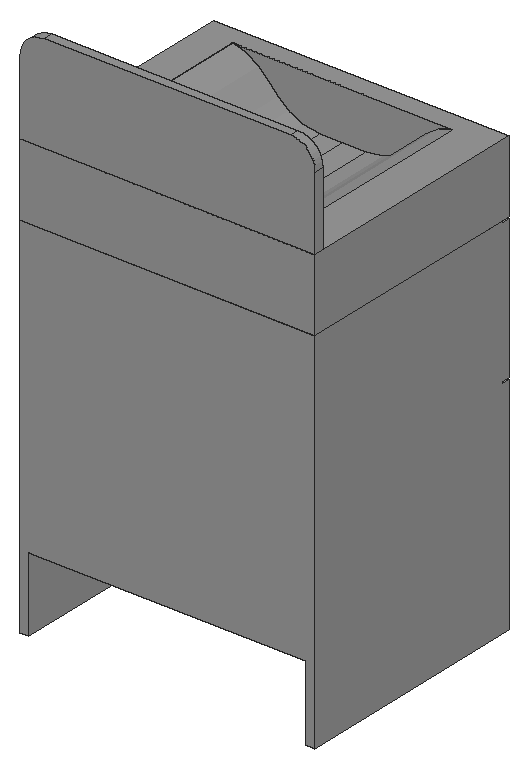
Revit family "Single Sink Vanity 24 in_Wall Hung", category Casework, host Wall, Revit 2025
Family settings
  Host = Wall
  OmniClass Number = 23.40.35.00
  OmniClass Title = Casework
  Always vertical = Yes
  Cut with Voids When Loaded = No
  Shared = No
  Room Calculation Point = No
Parameters (values of type "Single Sink Vanity 794mm_Wall Hung")
  Width = 2' - 0.0389"
  Mirror Height = 0' - 4.06299"
  Length = 3' - 6"
  Height = 3' - 0"
  Depth = 1' - 7.68504"
  Default Elevation = 0' - 0"
  Countertop Thickness = 0' - 5.90597"
  Cabinet Mullions = 0' - 0 3/4"
  Backsplash Height = 0' - 8.00028"
Types (2): name | Height
  Single Sink Vanity 794mm_Wall Hung | 3' - 0"
  Single Sink Vanity 24"_Wall Hung | 2' - 9.46457"
Reference planes (in)
  plane 1: y = 0
  plane 2 "Center (Left/Right)": x = 0
  plane 3 "Left": x = -2.50394
  plane 4 "Right": x = 39.49606
  plane 5 "Front": y = 22.68504
  plane 6 "Back": y = 3
  plane 7 "Top": z = 36
Forms (in)
  Extrusion 1, solid, material "Solid Surface Countertop"
    sketch origin (4.26772, 0, 2.53543) x (1, 0, 0) y (0, 1, 0)
      loop
        line (-11.51181, 22.68504) -> (-11.51181, 3) -> (12.52709, 3) -> (12.52709, 22.68504) -> (-11.51181, 22.68504)
    from 27.55859 to 33.46457
  Extrusion 2, solid, material "Ash"
    sketch origin (-0.09375, 0, 0) x (1, 0, 0) y (0, 1, 0)
      loop
        line (-7.15034, 3) -> (16.88856, 3) -> (16.88856, 22.68504) -> (-7.15034, 22.68504) -> (-7.15034, 3)
    from 0 to 30.09403
  Extrusion 3, void
    sketch origin (2.51378, 22.68504, 2.53543) x (-1, 0, 0) y (0, 0, -1)
      loop
        line (-11.02119, -33.46457) -> (-11.21668, -34.57326) -> (6.97881, -34.57326) -> (6.97881, -33.42613)
        spline (6.97881, -33.42613) -> (6.23927, -33.24521) -> (5.60883, -32.9592) -> (5.06281, -32.59083) -> (4.5765, -32.16287) -> (4.12521, -31.69805) -> (3.68426, -31.21914) -> (3.22893, -30.74887) -> (2.73454, -30.31) -> (2.17639, -29.92529) -> (1.52978, -29.61747) -> (0.77003, -29.4093) -> (-0.12757, -29.32353)
        line (-0.12757, -29.32353) -> (-1.9879, -29.32353) -> (-3.84822, -29.32353)
        spline (-3.84822, -29.32353) -> (-4.75423, -29.4101) -> (-5.52111, -29.62022) -> (-6.17377, -29.93093) -> (-6.73715, -30.31925) -> (-7.23617, -30.76223) -> (-7.69576, -31.2369) -> (-8.14085, -31.7203) -> (-8.59636, -32.18947) -> (-9.08723, -32.62145) -> (-9.63837, -32.99326) -> (-10.27471, -33.28196) -> (-11.02119, -33.46457)
    from 1.48177 to 15.74504
  Extrusion 4, solid, material "Solid Surface Countertop"
    sketch origin (-7.24409, 3, 36.00028) x (0, 0, 1) y (1, 0, 0)
      loop
        line (0, 24.0389) -> (0, 0) -> (6, 0)
        arc (6, 0) -> (7.41421, 0.58579) -> (8, 2) r 2
        line (8, 2) -> (8, 22.0389)
        arc (8, 22.0389) -> (7.41421, 23.45312) -> (6, 24.0389) r 2
        line (6, 24.0389) -> (0, 24.0389)
    from 0 to 0.75
  Extrusion 5, void
    sketch origin (39.40231, 22.68504, 0) x (1, 0, 0) y (0, 0, 1)
      loop
        line (-23.3575, 29.09403) -> (-45.89641, 29.09403) -> (-45.89641, 19.0293) -> (-23.3575, 19.0293) -> (-23.3575, 29.09403)
      loop
        line (-23.3575, 7.5293) -> (-23.3575, 17.5293) -> (-45.89641, 17.5293) -> (-45.89641, 7.5293) -> (-23.3575, 7.5293)
    from 0 to 0.5
  Extrusion 6, void
    sketch origin (39.40231, 22.68504, 0) x (1, 0, 0) y (0, 0, 1)
      loop
        line (-23.3575, 0) -> (-23.3575, 6.09403) -> (-45.89641, 6.09403) -> (-45.89641, 0) -> (-23.3575, 0)
    from 0 to 24
  Extrusion 7, void
    sketch origin (39.40231, 22.68504, 0) x (1, 0, 0) y (0, 0, 1)
      loop
        line (-22.6075, 18.25223) -> (-22.6075, 18.37723) -> (-46.64641, 18.37723) -> (-46.64641, 18.25223) -> (-22.6075, 18.25223)
      loop
        line (-22.6075, 29.96903) -> (-22.6075, 30.09403) -> (-46.64641, 30.09403) -> (-46.64641, 29.96903) -> (-22.6075, 29.96903)
    from 0 to 0.75
Cuts and joins
  Extrusion 3 cuts Extrusion 1
  Extrusion 5, Extrusion 6, Extrusion 7 cuts Extrusion 2
Lines and regions (in)
  reference lines
    curve 1: line (28.75591, 3, 36.00028) -> (28.75591, 3, 80.00028)
    curve 2: line (-7.24409, 3, 36.00028) -> (-7.24409, 3, 79.00028)
    curve 3: line (24.74606, 36.93504, 0) -> (24.74606, -6.31496, 0)
    curve 4: line (16.79481, 3, 36.00028) -> (16.79481, 3, 79.00028)
    curve 5: line (22.79481, 22.68504, 44.00028) -> (-38.20519, 22.68504, 44.00028)
    curve 6: line (21.50591, 22.68504, 30.09403) -> (-11.49409, 22.68504, 30.09403)
Text (in)
  text "Placement Side" at (0, 40.15149, 123.01588), in view "Right"
  text "Placement Side" at (-65.09404, 56.76262, 0), in view "Ref. Level"
  text "Placement Side" at (0, 47.49176, 112.82392), in view "Left"
Dimensions and locks (in)
  locked: host wall to plane 6 "Back"
  "Depth": plane 6 "Back" to plane 5 "Front"
  plane 3 "Left" to plane 2 "Center (Left/Right)" to plane 4 "Right" = 0' - 2.50394", 3' - 3.49606"
  "Length": plane 3 "Left" to plane 4 "Right"
  "Height": plane 7 "Top" to level
  "Height": level to plane 7 "Top"
  Extrusion 3 sketch curve to Extrusion 3 sketch curve = 1' - 6.00004"
  cut or joined group of Extrusion 1, Extrusion 3 to cut or joined group of Extrusion 1, Extrusion 3 = 2' - 0.0389"
  "Backsplash Height": plane 7 "Top" to curve 5
  "Countertop Thickness": curve 6 to plane 7 "Top"
  "Width": curve 2 to curve 4
  aligned and locked: plane 7 "Top" to Extrusion 1
  aligned and locked: Extrusion 1 to curve 2
  aligned and locked: Extrusion 4 to Extrusion 1
  aligned and locked: Extrusion 4 to cut or joined group of Extrusion 1, Extrusion 3
  aligned and locked: Extrusion 4 to curve 5
  aligned and locked: Extrusion 4 to curve 2
  aligned and locked: Extrusion 2 to cut or joined group of Extrusion 1, Extrusion 3
Automatic sketch dimensions
  host wall to curve 3 = 0' - 3.31496"
  plane 4 "Right" to curve 3 = 1' - 2 3/4"
  curve 3 to plane 5 "Front" = 1' - 2 1/4"
  plane 4 "Right" to curve 1 = 0' - 10.74016"
  plane 7 "Top" to curve 4 = 0' - 0.00028"
  plane 3 "Left" to curve 2 = 0' - 4.74016"
  plane 7 "Top" to curve 2 = 0' - 0.00028"
  plane 7 "Top" to curve 1 = 0' - 0.00028"
  curve 2 to curve 2 = 3' - 7"
  curve 4 to curve 2 = 0' - 0"
  curve 4 to curve 1 = 0' - 1"
  Extrusion 1 sketch curve to host wall = 0' - 0"
  plane 5 "Front" to Extrusion 1 sketch curve = 0' - 0"
  plane 3 "Left" to Extrusion 1 sketch curve = 0' - 4.74016"
  plane 2 "Center (Left/Right)" to Extrusion 1 sketch curve = 1' - 4.79481"
  plane 5 "Front" to Extrusion 2 sketch curve = 0' - 0"
  Extrusion 2 sketch curve to host wall = 0' - 0"
  plane 3 "Left" to Extrusion 2 sketch curve = 0' - 4.74016"
  plane 2 "Center (Left/Right)" to Extrusion 2 sketch curve = 1' - 4.79481"
  Extrusion 3 sketch curve to Extrusion 1 = 0' - 0"
  Extrusion 1 to Extrusion 3 sketch curve = 0' - 1.10869"
  Extrusion 1 to Extrusion 3 sketch curve = 0' - 3.06435"
  Extrusion 3 sketch curve to Extrusion 3 sketch curve = 0' - 0.19549"
  Extrusion 3 sketch curve to Extrusion 1 = 0' - 1.76494"
  Extrusion 3 sketch curve to Extrusion 3 sketch curve = 0' - 7.17296"
  Extrusion 3 sketch curve to Extrusion 3 sketch curve = 0' - 1.86033"  (x2)
  Extrusion 3 sketch curve to Extrusion 3 sketch curve = 0' - 7.10638"
  Extrusion 4 sketch curve to curve 2 = 0' - 0"  (x2)
  curve 2 to Extrusion 4 sketch curve = 2' - 0.0389"
  curve 2 to Extrusion 4 sketch curve = 0' - 6"  (x2)
  Extrusion 4 sketch curve to Extrusion 4 sketch curve = 0' - 2"
  Extrusion 6 sketch curve to Extrusion 2 = 0' - 0"
  Extrusion 2 to Extrusion 6 sketch curve = 0' - 0 3/4"
  Extrusion 6 sketch curve to Extrusion 2 = 0' - 0 3/4"
  Extrusion 6 sketch curve to Extrusion 2 = 0' - 6.09403"
  Extrusion 7 sketch curve to Extrusion 2 = 0' - 0"  (x5)
  Extrusion 7 sketch curve to Extrusion 2 = 0' - 0 1/8"
  Extrusion 7 sketch curve to Extrusion 7 sketch curve = 0' - 11.5918"
  Extrusion 7 sketch curve to Extrusion 7 sketch curve = 0' - 0 1/8"
  plane 3 "Left" to curve 5 = 2' - 11.70125"
  plane 3 "Left" to curve 6 = 0' - 8.99016"
  plane 4 "Right" to curve 6 = 1' - 5.99016"
  curve 6 to curve 5 = 0' - 1.2889"
  Extrusion 2 to Extrusion 5 sketch curve = 0' - 0 3/4"  (x2)
  Extrusion 5 sketch curve to Extrusion 2 = 0' - 0 3/4"  (x2)
  Extrusion 5 sketch curve to Extrusion 2 = 0' - 7.5293"
  Extrusion 5 sketch curve to Extrusion 5 sketch curve = 0' - 10"
  Extrusion 5 sketch curve to Extrusion 5 sketch curve = 0' - 1 1/2"
  Extrusion 5 sketch curve to Extrusion 2 = 0' - 1"
